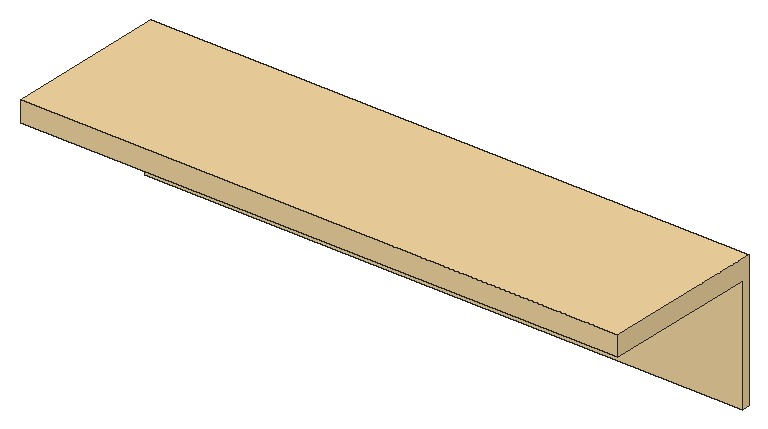
Revit family "架子_长44cm", category 家具, Revit 2019
Family settings
  OmniClass 编号 = 23.40.20.00
  OmniClass 标题 = General Furniture and Specialties
  基于工作平面 = 否
  总是垂直 = 是
  加载时剪切的空心 = 否
  共享 = 否
  房间计算点 = 否
Parameters (values of type "白橡木")
  高度 = 100 mm
  长度 = 440 mm
  说明 = "承重3kg"
  材质 = 橡木_白色_树脂涂装
  成本 = 190
  宽度 = 120 mm
  型号 = "37287341"
  制造商 = "MUJI"
Types (3, lengths in mm): name | 材质 | 成本 | 型号
  (no name) | 橡木_白色_树脂涂装 | 190 | "37287341"
  白橡木 | 橡木_白色_树脂涂装 | 190 | "37287341"
  黑胡桃木 | 胡桃木_黑色_树脂涂装 | 230 | "37287426"
Reference planes
  plane 1 "中心(前/后)": y = 0
  plane 2: z = 0
  plane 3 "中心(左/右)": x = 0
  plane 4: x = 440
  plane 5: y = -120
  plane 6: z = -100
Forms (mm)
  Extrusion 1, solid, material "橡木_白色_树脂涂装" <- "材质"
    sketch origin (0, 0, 0) x (0, 1, 0) y (0, 0, 1)
      loop
        line (-120, 0) -> (-120, -15) -> (-5, -15) -> (-5, -100) -> (0, -100) -> (0, 0) -> (-120, 0)
    from 0 to 440
Dimensions and locks
  "长度": plane 4 to plane 3 "中心(左/右)"
  "宽度": plane 5 to plane 1 "中心(前/后)"
  "高度": plane 2 to plane 6
  locked: plane 2 to Extrusion 1 sketch curve at 15
  locked: Extrusion 1 sketch curve to plane 1 "中心(前/后)" at 5
  aligned and locked: level to plane 2
  aligned and locked: plane 1 "中心(前/后)" to Extrusion 1 sketch curve
  aligned and locked: Extrusion 1 sketch curve to plane 2
  aligned and locked: plane 5 to Extrusion 1 sketch curve
  aligned and locked: plane 6 to Extrusion 1 sketch curve
  aligned and locked: plane 4 to Extrusion 1
  aligned and locked: Extrusion 1 to plane 3 "中心(左/右)"
